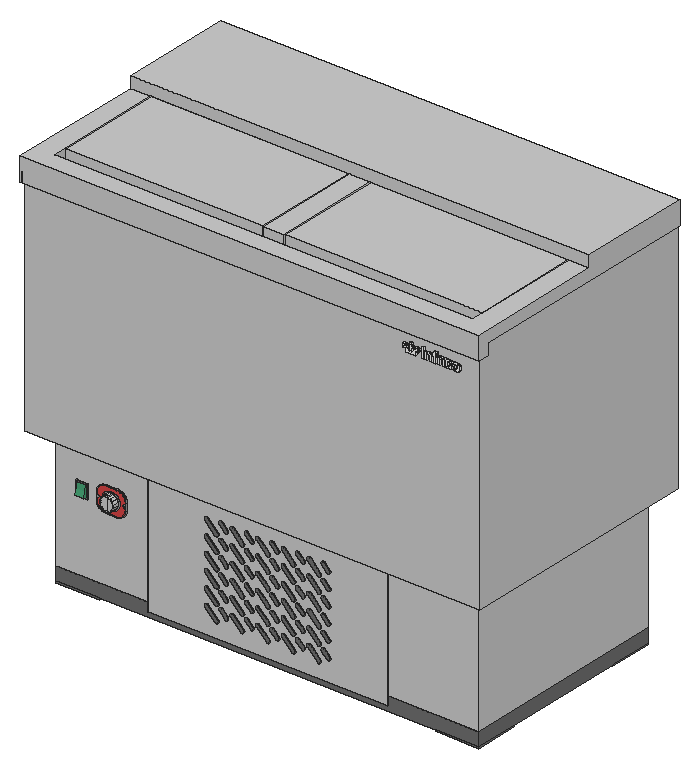
Revit family "QF_INFRICO_EFP1000II_250807081030", category Specialty Equipment, Revit 2021
Family settings
  Round Connector Dimension = Use Diameter
  Part Type = Normal
  OmniClass Number = 23.40.40.14
  OmniClass Title = Food Service Equipment
  Work Plane-Based = No
  Always vertical = Yes
  Cut with Voids When Loaded = No
  Shared = No
  Room Calculation Point = No
Parameters (values of type "EFP1000II")
  Weight [instance] = 52.9977 kg
  Waste Water Discharge Temperature [instance] = 0 °C
  Waste Remarks [instance] = ""
  Warranty Start Date [instance] = ""
  Warranty Duration [instance] = ""
  Volts [instance] = 230 V
  Volt Free Conn [instance] = no
  URL Recommended Spares List [instance] = ""
  URL Manufacturer [instance] = ""
  URL Cutsheet [instance] = ""
  URL Critical Spares List [instance] = ""
  URL = "www.infrico.com"
  Technical Documentation [instance] = ""
  Tag Number [instance] = ""
  Status [instance] = ""
  Start Up Current [instance] = 0 A
  Specification by User [instance] = ""
  Specification by Manufacturer [instance] = ""
  Sound Level [instance] = ""
  Show Logo [instance] = yes
  Show Clearances [instance] = yes
  Service Life Duration [instance] = ""
  Serial Number [instance] = ""
  Seismic Rating [instance] = ""
  SMACNA No [instance] = ""
  Revision Code [instance] = ""
  Revision [instance] = ""
  Production Year [instance] = ""
  Potential Equalisation [instance] = no
  Point Load [instance] = 0
  Plumbing Connection Type [instance] = ""
  Phase [instance] = 1
  Other Equipment Approvals [instance] = ""
  Operational Current [instance] = 0 A
  Number of Poles [instance] = 2
  No Load Power Draw [instance] = no
  NAFEM Spec ID Number [instance] = ""
  Model Warning [instance] = ""
  Model = "EFP1000II"
  Min Ckt Ampacity [instance] = 0 A
  Max Overcurrent Protection [instance] = 0 A
  Masterspec [instance] = ""
  Manufacturer = "INFRICO"
  Main switch integrated [instance] = no
  Length Actual [instance] = 1004.062 mm
  Item Number [instance] = ""
  Installed By [instance] = ""
  Installation Date [instance] = ""
  Indirect Waste Size [instance] = 19.05 mm
  Indirect Waste Remarks [instance] = ""
  Indirect Waste Flow [instance] = 0.0 L/s
  Indirect Waste Connection Type [instance] = ""
  Indirect Waste Connection Height [instance] = 0 mm
  Identify Quantity as Lot [instance] = no
  ID [instance] = ""
  Hygiene Approval [instance] = ""
  Height Actual [instance] = 880.11 mm
  HP power [instance] = ""
  Furnished By [instance] = ""
  Foodservice Equipment Identifier [instance] = no
  FL Amps [instance] = 0 A
  Electrical Remarks [instance] = ""
  Electric power [instance] = 90 W
  Electric Connection Type [instance] = ""
  Elec Conn RI Height [instance] = 0 mm
  Elec Conn Connection Height [instance] = 0 mm
  ETL Approved [instance] = no
  Direct Waste Water Discharge Temperature [instance] = -273.15 °C
  Direct Waste Size [instance] = 19.05 mm
  Direct Waste RI Height [instance] = 0 mm
  Direct Waste Flow [instance] = 0.0 L/s
  Direct Waste Connection Height [instance] = 0 mm
  Description = "CHEST BOTTLE COOLER FLAT BOTTOM - STAINLESS STEEL - TWO DOORS - R600A"
  Depth Actual [instance] = 549.91 mm
  Default Elevation = 0 mm
  Cycle [instance] = 50 Hz
  Cost = 0
  Connection to energy optimisation system [instance] = yes
  Conn Plug [instance] = ""
  Conn Conduit [instance] = no
  Centralized building control system with digital interface [instance] = ""
  CSI MasterFormat [instance] = ""
  CE Approved [instance] = no
  Barcode [instance] = 0
  Author [instance] = ""
  Asset Identifier [instance] = ""
  Apparent Power [instance] = 90 VA
  Accessory [instance] = no
Reference planes
  plane 1 "Center (Front/Back)": y = 0
  plane 2: z = 0
  plane 3 "Center (Left/Right)": x = 0
Forms (mm)
  Extrusion 1, solid, not visible
    sketch origin (94.005, -271.013, 296.014) x (1, 0, 0) y (0, 1, 0)
      loop
        line (-2, 2) -> (-2, -2) -> (2, -2) -> (2, 2) -> (-2, 2)
    from -2 to 2
  Extrusion 2, solid, not visible
    sketch origin (844.041, -38.002, 72.004) x (1, 0, 0) y (0, 1, 0)
      loop
        line (-2, 2) -> (-2, -2) -> (2, -2) -> (2, 2) -> (-2, 2)
    from -2 to 2
Dimensions and locks
  locked: nested 2 to Extrusion 1 at 2  (x2)
  locked: nested 3 to Extrusion 2 at 2  (x2)
  aligned and locked: level to plane 2
Nested families
  nested 1: "QF_INFRICO_EFP1000II_2920" at (0, 0, 0), type "EFP1000II"
    with Weight 52.9977 kg, Warranty Start Date "", Warranty Duration "", URL Cutsheet "", Technical Documentation "", Tag Number "", Status "", Specification by User "", Specification by Manufacturer "", Sound Level "", Solid Fuel Type "", Show Logo yes, Show Clearances yes, Show Clearance yes, Service Life Duration "", Serial Number "", Seismic Rating "", SMACNA No "", Revision Code "", Revision "", Production Year "", Point Load 0, Other Equipment Approvals "", NAFEM Spec ID Number "", Model Warning "", Masterspec "", Length Actual 1004.062 mm, Item Number "", Installed By "", Installation Date "", Identify Quantity as Lot yes, ID "", Hygiene Approval "", Height Actual 880.11 mm, Furnished By "", Foodservice Equipment Identifier yes, Finish none, ETL Approved yes, Depth Actual 549.91 mm, CSI MasterFormat "", CE Approved no, Barcode "", Author "", Asset Identifier "", Accessory no
  nested 2: "CONN_POINT_DRAIN_2D___Generic_Annotation" at (94.005, -271.013, 294.014), type "CONN_POINT_DRAIN_2D___Generic_Annotation"
    with Onboard connection annotation symbol visibility yes
  nested 3: "CONN_POINT_ELE_2D___Generic_Annotation" at (844.041, -38.002, 70.003), type "CONN_POINT_ELE_2D___Generic_Annotation"
    with Onboard connection annotation symbol visibility yes
Connectors
  piping at (94.005, -271.013, 294.014), diameter 19.05, driven by "Indirect Waste Size", driven by "Direct Waste Flow"
    settings: on Extrusion 1, index 1, connector inside diameter 609.6 mm, connector length 0 mm, flow factor 0, pipe flow 0.0 L/s, pressure drop 0.0 Pa, fitting loss kfactor 0, connector angle 0.00°, fixture units 0, engagement length 0 mm, angle of deflection 0.00°, flow configuration 1, flow direction 2, fitting loss method 0, system type 16, joint type 0, gender type 0, connector reference index -1, connector utility 0, adjustable connector no, is connector primary yes, connector description "Waste connection for EFP1000II"
  electrical at (844.041, -38.002, 70.003), driven by "Apparent Power", driven by "Number of Poles", driven by "Volts"
    settings: on Extrusion 2, index 2, voltage 230 V, apparent load 0 VA, apparent load phase1 90 VA, apparent load phase2 0 VA, apparent load phase3 0 VA, power factor 1, load classification "Other", number of poles 2, system type 31, power factor state 1, is connector primary yes, connector utility no, sub classification motor no, connector description "Electrical connection for EFP1000II"
Definition of nested family "QF_INFRICO_EFP1000II_2920"
  Parameters (values of type "EFP1000II")
    Weight [instance] = 0.00 kg
    Warranty Start Date [instance] = ""
    Warranty Duration [instance] = ""
    URL Cutsheet [instance] = ""
    URL = "www.infrico.com"
    Technical Documentation [instance] = ""
    Tag Number [instance] = ""
    Status [instance] = ""
    Specification by User [instance] = ""
    Specification by Manufacturer [instance] = ""
    Sound Level [instance] = ""
    Solid Fuel Type [instance] = ""
    Show Logo [instance] = yes
    Show Clearances [instance] = yes
    Show Clearance [instance] = yes
    Service Life Duration [instance] = ""
    Serial Number [instance] = ""
    Seismic Rating [instance] = ""
    SMACNA No [instance] = ""
    Revision Code [instance] = ""
    Revision [instance] = ""
    Production Year [instance] = ""
    Point Load [instance] = 0
    Other Equipment Approvals [instance] = ""
    NAFEM Spec ID Number [instance] = ""
    Model Warning [instance] = ""
    Model = "EFP1000II"
    Masterspec [instance] = ""
    Manufacturer = "INFRICO"
    Length Actual [instance] = 0 mm
    Item Number [instance] = ""
    Installed By [instance] = ""
    Installation Date [instance] = ""
    Identify Quantity as Lot [instance] = yes
    ID [instance] = ""
    Hygiene Approval [instance] = ""
    Height Actual [instance] = 0 mm
    Furnished By [instance] = ""
    Foodservice Equipment Identifier [instance] = yes
    Finish [instance] = none
    ETL Approved [instance] = yes
    Description = "CHEST BOTTLE COOLER FLAT BOTTOM - STAINLESS STEEL - TWO DOORS - R600A"
    Depth Actual [instance] = 0 mm
    Default Elevation = 0 mm
    CSI MasterFormat [instance] = ""
    CE Approved [instance] = yes
    Barcode [instance] = ""
    Author [instance] = ""
    Asset Identifier [instance] = ""
    Assembly Code = "E1090320"
    Accessory [instance] = yes
  Reference planes
    plane 1 "Back": y = 0
    plane 2: z = 0
    plane 3 "Left": x = 0
    plane 4 "Right": x = 1004
    plane 5 "Front": y = -550
    plane 6 "Top": z = 880
  Forms (mm)
    Extrusion 1, solid
      sketch origin (0, 0, 0) x (0, 1, 0) y (0, 0, 1)
        loop
          line (0, 880) -> (-247, 880) -> (-247, 855) -> (0, 855) -> (0, 880)
      from 0 to 1004
    Extrusion 2, solid
      sketch origin (0, 0, 0) x (1, 0, 0) y (0, 0, 1)
        loop
          line (44, 855) -> (0, 855) -> (0, 830) -> (3, 830) -> (3, 836) -> (44, 836) -> (44, 855)
      from 0 to 510
    Extrusion 3, solid
      sketch origin (1004, 0, 0) x (-1, 0, 0) y (0, 0, -1)
        loop
          line (44, -855) -> (44, -836) -> (3, -836) -> (3, -830) -> (0, -830) -> (0, -855) -> (44, -855)
      from 0 to 510
    Extrusion 4, solid
      sketch origin (0, 0, 0) x (0, 1, 0) y (0, 0, 1)
        loop
          line (-510, 830) -> (-510, 855) -> (-550, 855) -> (-550, 830) -> (-510, 830)
      from 0 to 1004
    Extrusion 5, solid
      sketch origin (2, 0, 0) x (0, 1, 0) y (0, 0, 1)
        loop
          line (-247, 855) -> (-482, 855) -> (-482, 830) -> (-247, 830) -> (-247, 855)
      from 44 to 475
    Extrusion 6, solid
      sketch origin (0, 0, 0) x (0, 1, 0) y (0, 0, 1)
        loop
          line (0, 855) -> (-44, 855) -> (-44, 830) -> (0, 830) -> (0, 855)
      from 44 to 960
    Extrusion 7, solid
      sketch origin (0, 0, 0) x (1, 0, 0) y (0, 0, 1)
        loop
          line (3, 830) -> (44, 830) -> (44, 836) -> (3, 836) -> (3, 830)
      from 0 to 44
    Extrusion 8, solid
      sketch origin (957, 0, 0) x (1, 0, 0) y (0, 0, 1)
        loop
          line (3, 830) -> (44, 830) -> (44, 836) -> (3, 836) -> (3, 830)
      from 0 to 44
    Extrusion 9, solid
      sketch origin (3, 0, 0) x (0, 1, 0) y (0, 0, 1)
        loop
          line (-542, 830) -> (-542, 313) -> (-504, 313) -> (-504, 830) -> (-542, 830)
      from 0 to 998
    Extrusion 10, solid
      sketch origin (3, 0, 0) x (0, 1, 0) y (0, 0, 1)
        loop
          line (-504, 313) -> (0, 313) -> (0, 830) -> (-504, 830) -> (-504, 313)
      from 0 to 998
    Extrusion 11, solid
      sketch origin (39, 4, 0) x (0, 1, 0) y (0, 0, 1)
        loop
          line (-42, 313) -> (-504, 313) -> (-504, 43) -> (-42, 43) -> (-42, 313)
      from 0 to 200
    Extrusion 12, solid
      sketch origin (765, 4, 0) x (0, 1, 0) y (0, 0, 1)
        loop
          line (-42, 313) -> (-504, 313) -> (-504, 43) -> (-42, 43) -> (-42, 313)
      from 0 to 200
    Extrusion 13, solid
      sketch origin (0, 4, 0) x (1, 0, 0) y (0, 0, 1)
        loop
          line (239, 313) -> (239, 23) -> (765, 23) -> (765, 313) -> (239, 313)
      from 42 to 52
    Extrusion 14, solid
      sketch origin (0, -448, 0) x (1, 0, 0) y (0, 0, 1)
        loop
          line (239, 313) -> (239, 23) -> (765, 23) -> (765, 313) -> (239, 313)
      from 42 to 52
    Extrusion 15, solid
      sketch origin (-961, 4, 13) x (1, 0, 0) y (0, 1, 0)
        loop
          line (1000, -42) -> (1000, -504) -> (1200, -504) -> (1200, -474) -> (1030, -474) -> (1030, -72) -> (1200, -72) -> (1200, -42) -> (1000, -42)
      from 0 to 30
    Extrusion 16, solid
      sketch origin (1965, 4, 13) x (-1, 0, 0) y (0, -1, 0)
        loop
          line (1000, 42) -> (1200, 42) -> (1200, 72) -> (1030, 72) -> (1030, 474) -> (1200, 474) -> (1200, 504) -> (1000, 504) -> (1000, 42)
      from 0 to 30
    Extrusion 17, solid
      sketch origin (-1000, 4, 0) x (1, 0, 0) y (0, 1, 0)
        loop
          line (1239, -504) -> (1765, -504) -> (1765, -494) -> (1239, -494) -> (1239, -504)
      from 13 to 23
    Extrusion 18, solid
      sketch origin (-1000, 456, 0) x (1, 0, 0) y (0, 1, 0)
        loop
          line (1239, -504) -> (1765, -504) -> (1765, -494) -> (1239, -494) -> (1239, -504)
      from 13 to 23
    Extrusion 19, solid
      sketch origin (-1000, 4, 0) x (1, 0, 0) y (0, 1, 0)
        loop
          line (1239, -72) -> (1765, -72) -> (1765, -52) -> (1239, -52) -> (1239, -72)
      from 13 to 43
    Extrusion 20, solid
      sketch origin (-1000, -418, 0) x (1, 0, 0) y (0, 1, 0)
        loop
          line (1239, -72) -> (1765, -72) -> (1765, -52) -> (1239, -52) -> (1239, -72)
      from 13 to 43
    Extrusion 21, solid
      sketch origin (39, 4, 10) x (1, 0, 0) y (0, 1, 0)
        loop
          line (0, -42) -> (0, -137) -> (95, -42) -> (0, -42)
      from 0 to 3
    Extrusion 22, solid
      sketch origin (965, 4, 10) x (-1, 0, 0) y (0, -1, 0)
        loop
          line (0, 42) -> (95, 42) -> (0, 137) -> (0, 42)
      from 0 to 3
    Extrusion 23, solid
      sketch origin (39, -542, 10) x (1, 0, 0) y (0, 1, 0)
        loop
          line (0, 42) -> (95, 42) -> (0, 137) -> (0, 42)
      from 0 to 3
    Extrusion 24, solid
      sketch origin (965, -542, 10) x (-1, 0, 0) y (0, -1, 0)
        loop
          line (0, -42) -> (0, -137) -> (95, -42) -> (0, -42)
      from 0 to 3
    Revolve 25, solid
      sketch origin (67, 4, 0) x (0, 1, 0) y (0, 0, 1)
        loop
          line (-70, 0) -> (-66, 0)
          arc (-66, 0) -> (-56.372, 2.368) -> (-49, 9) r 20.382
          arc (-49, 9) -> (-48.132, 9.763) -> (-47, 10) r 2.271
          line (-47, 10) -> (-70, 10) -> (-70, 0)
        axis (-70, 0) -> (-70, 10)
      angle from 0 to 360
    Revolve 26, solid
      sketch origin (937, 4, 0) x (0, 1, 0) y (0, 0, -1)
        loop
          line (-70, 0) -> (-70, -10) -> (-47, -10)
          arc (-47, -10) -> (-48.132, -9.763) -> (-49, -9) r 2.271
          arc (-49, -9) -> (-56.372, -2.368) -> (-66, 0) r 20.382
          line (-66, 0) -> (-70, 0)
        axis (-70, 0) -> (-70, -10)
      angle from 0 to 360
    Revolve 27, solid
      sketch origin (67, -402, 0) x (0, 1, 0) y (0, 0, 1)
        loop
          line (-70, 0) -> (-66, 0)
          arc (-66, 0) -> (-56.372, 2.368) -> (-49, 9) r 20.382
          arc (-49, 9) -> (-48.132, 9.763) -> (-47, 10) r 2.271
          line (-47, 10) -> (-70, 10) -> (-70, 0)
        axis (-70, 0) -> (-70, 10)
      angle from 0 to 360
    Revolve 28, solid
      sketch origin (937, -402, 0) x (0, 1, 0) y (0, 0, -1)
        loop
          line (-70, 0) -> (-70, -10) -> (-47, -10)
          arc (-47, -10) -> (-48.132, -9.763) -> (-49, -9) r 2.271
          arc (-49, -9) -> (-56.372, -2.368) -> (-66, 0) r 20.382
          line (-66, 0) -> (-70, 0)
        axis (-70, 0) -> (-70, -10)
      angle from 0 to 360
    Extrusion 29, solid, visible <- "Show Logo"
      sketch origin (-329.318, -542, 67.214) x (1, 0, 0) y (0, 0, 1)
        loop
          line (1208.799, 696.53) -> (1208.799, 719.204) -> (1204.173, 719.204) -> (1204.173, 696.53) -> (1208.799, 696.53)
        loop
          line (1214.779, 713.006) -> (1211.283, 713.006) -> (1211.283, 696.53) -> (1215.772, 696.53) -> (1215.772, 707.832)
          arc (1215.772, 707.832) -> (1217.528, 708.741) -> (1219.417, 709.324) r 11.052
          arc (1219.417, 709.324) -> (1220.929, 708.961) -> (1221.598, 707.557) r 1.806
          line (1221.598, 707.557) -> (1221.598, 696.53) -> (1226.121, 696.53) -> (1226.121, 708.689)
          arc (1226.121, 708.689) -> (1224.637, 712.075) -> (1221.141, 713.281) r 4.607
          arc (1221.141, 713.281) -> (1218.282, 712.674) -> (1215.669, 711.361) r 11.435
          line (1215.669, 711.361) -> (1215.601, 712.184)
          arc (1215.601, 712.184) -> (1215.36, 712.765) -> (1214.779, 713.006) r 0.822
        loop
          line (1238.557, 720.102) -> (1237.306, 720.102)
          arc (1237.306, 720.102) -> (1235.052, 719.926) -> (1232.881, 719.297) r 11.103
          arc (1232.881, 719.297) -> (1230.805, 717.616) -> (1230.024, 715.062) r 4.567
          line (1230.024, 715.062) -> (1230.024, 712.909) -> (1227.351, 712.703) -> (1227.351, 709.374) -> (1230.024, 709.374) -> (1230.024, 696.53) -> (1234.547, 696.53) -> (1234.547, 709.374) -> (1238.249, 709.374) -> (1238.249, 712.938) -> (1234.547, 712.938) -> (1234.547, 714.548)
          arc (1234.547, 714.548) -> (1234.956, 715.705) -> (1236.045, 716.271) r 1.67
          line (1236.045, 716.271) -> (1237.7, 716.399)
          arc (1237.7, 716.399) -> (1238.306, 716.65) -> (1238.557, 717.255) r 0.857
          line (1238.557, 717.255) -> (1238.557, 720.102)
        loop
          line (1239.479, 713.006) -> (1239.479, 696.53) -> (1243.968, 696.53) -> (1243.968, 707.352)
          arc (1243.968, 707.352) -> (1245.873, 708.631) -> (1248.077, 709.268) r 7.435
          line (1248.077, 709.268) -> (1249.241, 709.416)
          arc (1249.241, 709.416) -> (1249.643, 709.758) -> (1249.793, 710.265) r 0.928
          line (1249.793, 710.265) -> (1249.793, 712.458)
          arc (1249.793, 712.458) -> (1249.531, 713.061) -> (1248.912, 713.28) r 0.824
          arc (1248.912, 713.28) -> (1246.197, 712.588) -> (1243.899, 710.984) r 7.833
          line (1243.899, 710.984) -> (1243.726, 713.006) -> (1239.479, 713.006)
        loop
          line (1255.495, 696.53) -> (1255.495, 713.006) -> (1251.006, 713.006) -> (1251.006, 696.53) -> (1255.495, 696.53)
        loop
          arc (1257.421, 701.327) -> (1258.567, 698.188) -> (1261.466, 696.525) r 4.873
          arc (1261.466, 696.525) -> (1264.493, 696.266) -> (1267.521, 696.525) r 17.816
          arc (1267.521, 696.525) -> (1270.575, 699.134) -> (1271.505, 703.041) r 6.481
          line (1271.505, 703.041) -> (1267.187, 703.041) -> (1267.187, 701.67)
          arc (1267.187, 701.67) -> (1266.64, 700.452) -> (1265.442, 699.865) r 1.965
          arc (1265.442, 699.865) -> (1264.547, 699.816) -> (1263.653, 699.865) r 8.196
          arc (1263.653, 699.865) -> (1262.417, 700.415) -> (1261.91, 701.67) r 1.806
          line (1261.91, 701.67) -> (1261.91, 707.9)
          arc (1261.91, 707.9) -> (1262.417, 709.155) -> (1263.653, 709.705) r 1.806
          arc (1263.653, 709.705) -> (1264.547, 709.754) -> (1265.442, 709.705) r 8.196
          arc (1265.442, 709.705) -> (1266.64, 709.118) -> (1267.187, 707.9) r 1.965
          line (1267.187, 707.9) -> (1267.187, 706.838) -> (1271.505, 706.838)
          arc (1271.505, 706.838) -> (1270.524, 710.556) -> (1267.521, 712.959) r 6.132
          arc (1267.521, 712.959) -> (1264.493, 713.294) -> (1261.466, 712.959) r 13.851
          arc (1261.466, 712.959) -> (1258.571, 711.349) -> (1257.421, 708.243) r 4.772
          line (1257.421, 708.243) -> (1257.421, 701.327)
        loop
          arc (1272.916, 701.329) -> (1273.993, 698.345) -> (1276.726, 696.734) r 4.676
          arc (1276.726, 696.734) -> (1278.515, 696.455) -> (1280.318, 696.291) r 28.371
          arc (1280.318, 696.291) -> (1282.122, 696.455) -> (1283.911, 696.734) r 28.371
          arc (1283.911, 696.734) -> (1286.644, 698.345) -> (1287.72, 701.329) r 4.676
          line (1287.72, 701.329) -> (1287.72, 708.242)
          arc (1287.72, 708.242) -> (1286.644, 711.226) -> (1283.911, 712.837) r 4.676
          arc (1283.911, 712.837) -> (1282.122, 713.116) -> (1280.318, 713.28) r 28.371
          arc (1280.318, 713.28) -> (1278.515, 713.116) -> (1276.726, 712.837) r 28.371
          arc (1276.726, 712.837) -> (1273.993, 711.226) -> (1272.916, 708.242) r 4.676
          line (1272.916, 708.242) -> (1272.916, 701.329)
        loop
          line (1277.405, 707.866) -> (1277.405, 701.705)
          arc (1277.405, 701.705) -> (1277.844, 700.556) -> (1278.936, 699.991) r 1.725
          arc (1278.936, 699.991) -> (1279.627, 699.918) -> (1280.318, 699.856) r 46.133
          arc (1280.318, 699.856) -> (1281.01, 699.918) -> (1281.701, 699.991) r 46.133
          arc (1281.701, 699.991) -> (1282.793, 700.556) -> (1283.231, 701.705) r 1.725
          line (1283.231, 701.705) -> (1283.231, 707.866)
          arc (1283.231, 707.866) -> (1282.793, 709.015) -> (1281.701, 709.58) r 1.725
          arc (1281.701, 709.58) -> (1281.01, 709.653) -> (1280.318, 709.716) r 46.133
          arc (1280.318, 709.716) -> (1279.627, 709.653) -> (1278.936, 709.58) r 46.133
          arc (1278.936, 709.58) -> (1277.844, 709.015) -> (1277.405, 707.866) r 1.725
        loop
          arc (1190.339, 696.543) -> (1191.411, 696.987) -> (1191.856, 698.059) r 1.516
          line (1191.856, 698.059) -> (1191.856, 703.891) -> (1196.035, 703.891)
          arc (1196.035, 703.891) -> (1196.79, 704.121) -> (1197.218, 704.782) r 1.147
          line (1197.218, 704.782) -> (1197.218, 706.211)
          arc (1197.218, 706.211) -> (1196.787, 707.258) -> (1195.719, 707.634) r 1.385
          line (1195.719, 707.634) -> (1194.52, 707.634) -> (1197.218, 710.332)
          arc (1197.218, 710.332) -> (1197.605, 711.266) -> (1197.218, 712.2) r 1.321
          line (1197.218, 712.2) -> (1196.495, 712.923)
          arc (1196.495, 712.923) -> (1195.54, 713.338) -> (1194.558, 712.991) r 1.422
          line (1194.558, 712.991) -> (1191.853, 710.286) -> (1191.853, 711.479)
          arc (1191.853, 711.479) -> (1191.443, 712.516) -> (1190.435, 712.992) r 1.516
          line (1190.435, 712.992) -> (1189.514, 712.992)
          arc (1189.514, 712.992) -> (1188.511, 712.514) -> (1188.103, 711.479) r 1.516
          line (1188.103, 711.479) -> (1188.103, 706.83) -> (1182.073, 701.336) -> (1182.073, 707.509) -> (1185.639, 711.075)
          arc (1185.639, 711.075) -> (1186.053, 712.073) -> (1185.639, 713.071) r 1.412
          line (1185.639, 713.071) -> (1184.987, 713.723)
          arc (1184.987, 713.723) -> (1183.939, 714.141) -> (1182.915, 713.667) r 1.428
          line (1182.915, 713.667) -> (1182.073, 712.825) -> (1182.073, 717.784)
          arc (1182.073, 717.784) -> (1181.658, 718.787) -> (1180.655, 719.203) r 1.418
          line (1180.655, 719.203) -> (1179.726, 719.203)
          arc (1179.726, 719.203) -> (1178.723, 718.787) -> (1178.308, 717.784) r 1.418
          line (1178.308, 717.784) -> (1178.308, 712.825) -> (1177.466, 713.667)
          arc (1177.466, 713.667) -> (1176.442, 714.141) -> (1175.394, 713.723) r 1.428
          line (1175.394, 713.723) -> (1174.742, 713.071)
          arc (1174.742, 713.071) -> (1174.328, 712.073) -> (1174.742, 711.075) r 1.412
          line (1174.742, 711.075) -> (1178.308, 707.509) -> (1178.308, 701.336) -> (1172.278, 706.83) -> (1172.278, 711.479)
          arc (1172.278, 711.479) -> (1171.87, 712.514) -> (1170.867, 712.992) r 1.516
          line (1170.867, 712.992) -> (1169.946, 712.992)
          arc (1169.946, 712.992) -> (1168.938, 712.516) -> (1168.528, 711.479) r 1.516
          line (1168.528, 711.479) -> (1168.528, 710.286) -> (1165.823, 712.991)
          arc (1165.823, 712.991) -> (1164.841, 713.338) -> (1163.886, 712.923) r 1.422
          line (1163.886, 712.923) -> (1163.163, 712.2)
          arc (1163.163, 712.2) -> (1162.776, 711.266) -> (1163.163, 710.332) r 1.321
          line (1163.163, 710.332) -> (1165.861, 707.634) -> (1164.662, 707.634)
          arc (1164.662, 707.634) -> (1163.594, 707.258) -> (1163.163, 706.211) r 1.385
          line (1163.163, 706.211) -> (1163.163, 704.782)
          arc (1163.163, 704.782) -> (1163.591, 704.121) -> (1164.346, 703.891) r 1.147
          line (1164.346, 703.891) -> (1168.525, 703.891) -> (1168.525, 698.059)
          arc (1168.525, 698.059) -> (1168.969, 696.987) -> (1170.042, 696.543) r 1.516
          line (1170.042, 696.543) -> (1190.339, 696.543)
      from 0 to 2
    Extrusion 30, solid
      sketch origin (106, -500, 1257.457) x (0, -1, 0) y (0, 0, 1)
        loop
          line (0, -1056.457) -> (2, -1056.457)
          arc (2, -1056.457) -> (5.042, -1056.207) -> (8.002, -1055.466) r 18.678
          arc (8.002, -1055.466) -> (4.242, -1043.724) -> (3, -1031.457) r 59.104
          line (3, -1031.457) -> (0, -1031.457) -> (0, -1056.457)
      from 0 to 19
    Extrusion 31, solid
      sketch origin (106, -502, 1257.457) x (-1, 0, 0) y (0, 0, 1)
        loop
          line (22, -1028.457) -> (-3, -1028.457) -> (-3, -1059.457) -> (22, -1059.457) -> (22, -1028.457)
      from 0 to 2
    Extrusion 32, solid
      sketch origin (-20.187, -500, 114.047) x (1, 0, 0) y (0, 0, 1)
        loop
          line (169.187, 71.953) -> (194.187, 71.953)
          arc (194.187, 71.953) -> (208.329, 77.811) -> (214.187, 91.953) r 20
          line (214.187, 91.953) -> (214.187, 106.953)
          arc (214.187, 106.953) -> (208.329, 121.095) -> (194.187, 126.953) r 20
          line (194.187, 126.953) -> (169.187, 126.953)
          arc (169.187, 126.953) -> (155.045, 121.095) -> (149.187, 106.953) r 20
          line (149.187, 106.953) -> (149.187, 91.953)
          arc (149.187, 91.953) -> (155.045, 77.811) -> (169.187, 71.953) r 20
      from 0 to 2
    Extrusion 33, solid
      sketch origin (-20.187, -500.1, 114.047) x (1, 0, 0) y (0, 0, 1)
        loop
          arc (169.187, 124.953) -> (156.459, 119.681) -> (151.187, 106.953) r 18
          line (151.187, 106.953) -> (151.187, 103.953)
          arc (151.187, 103.953) -> (155.687, 99.453) -> (151.187, 94.953) r 4.5
          line (151.187, 94.953) -> (151.187, 91.953)
          arc (151.187, 91.953) -> (156.459, 79.225) -> (169.187, 73.953) r 18
          line (169.187, 73.953) -> (194.187, 73.953)
          arc (194.187, 73.953) -> (206.915, 79.225) -> (212.187, 91.953) r 18
          line (212.187, 91.953) -> (212.187, 94.953)
          arc (212.187, 94.953) -> (207.687, 99.453) -> (212.187, 103.953) r 4.5
          line (212.187, 103.953) -> (212.187, 106.953)
          arc (212.187, 106.953) -> (206.915, 119.681) -> (194.187, 124.953) r 18
          line (194.187, 124.953) -> (169.187, 124.953)
        loop
          circle (181.687, 99.453) r 20
      from 0 to 2
    Revolve 34, solid
      sketch origin (161.5, 4, 91.547) x (0, 1, 0) y (0, 0, 1)
        loop
          line (-506, 126.953) -> (-508, 126.953) -> (-508, 137.953) -> (-519, 135.953) -> (-519, 121.953) -> (-506, 121.953) -> (-506, 126.953)
        axis (-506, 121.953) -> (-519, 121.953)
      angle from 0 to 360
    Extrusion 35, solid
      sketch origin (-13.5, 4, 14.5) x (1, 0, 0) y (0, 0, 1)
        loop
          arc (172.5, 212.775) -> (175, 213) -> (177.5, 212.775) r 14
          line (177.5, 212.775) -> (177.5, 214.803)
          arc (177.5, 214.803) -> (175, 215) -> (172.5, 214.803) r 16
          line (172.5, 214.803) -> (172.5, 212.775)
        loop
          line (172.5, 185.225) -> (172.5, 183.197)
          arc (172.5, 183.197) -> (175, 183) -> (177.5, 183.197) r 16
          line (177.5, 183.197) -> (177.5, 185.225)
          arc (177.5, 185.225) -> (175, 185) -> (172.5, 185.225) r 14
        loop
          arc (161.225, 196.5) -> (161, 199) -> (161.225, 201.5) r 14
          line (161.225, 201.5) -> (159.197, 201.5)
          arc (159.197, 201.5) -> (159, 199) -> (159.197, 196.5) r 16
          line (159.197, 196.5) -> (161.225, 196.5)
        loop
          line (188.775, 196.5) -> (190.803, 196.5)
          arc (190.803, 196.5) -> (191, 199) -> (190.803, 201.5) r 16
          line (190.803, 201.5) -> (188.775, 201.5)
          arc (188.775, 201.5) -> (189, 199) -> (188.775, 196.5) r 14
        loop
          arc (182.973, 210.508) -> (184.899, 208.899) -> (186.508, 206.973) r 14
          line (186.508, 206.973) -> (187.943, 208.407)
          arc (187.943, 208.407) -> (186.314, 210.314) -> (184.407, 211.943) r 16
          line (184.407, 211.943) -> (182.973, 210.508)
        loop
          line (163.492, 191.027) -> (162.057, 189.593)
          arc (162.057, 189.593) -> (163.686, 187.686) -> (165.593, 186.057) r 16
          line (165.593, 186.057) -> (167.027, 187.492)
          arc (167.027, 187.492) -> (165.101, 189.101) -> (163.492, 191.027) r 14
        loop
          arc (163.492, 206.973) -> (165.101, 208.899) -> (167.027, 210.508) r 14
          line (167.027, 210.508) -> (165.593, 211.943)
          arc (165.593, 211.943) -> (163.686, 210.314) -> (162.057, 208.407) r 16
          line (162.057, 208.407) -> (163.492, 206.973)
        loop
          line (182.973, 187.492) -> (184.407, 186.057)
          arc (184.407, 186.057) -> (186.314, 187.686) -> (187.943, 189.593) r 16
          line (187.943, 189.593) -> (186.508, 191.027)
          arc (186.508, 191.027) -> (184.899, 189.101) -> (182.973, 187.492) r 14
      from 508 to 519
    Extrusion 36, solid
      sketch origin (1813.844, -500.1, 72.143) x (-1, 0, 0) y (0, 0, 1)
        loop
          line (1426.444, -17.063) -> (1448.365, 4.857)
          arc (1448.365, 4.857) -> (1448.365, 11.221) -> (1442.001, 11.221) r 4.5
          line (1442.001, 11.221) -> (1420.08, -10.699)
          arc (1420.08, -10.699) -> (1420.08, -17.063) -> (1426.444, -17.063) r 4.5
        loop
          line (1405.687, -4.093) -> (1417.001, 7.221)
          arc (1417.001, 7.221) -> (1417.001, 13.585) -> (1410.637, 13.585) r 4.5
          line (1410.637, 13.585) -> (1399.323, 2.271)
          arc (1399.323, 2.271) -> (1399.323, -4.093) -> (1405.687, -4.093) r 4.5
        loop
          line (1426.444, 16.937) -> (1448.365, 38.857)
          arc (1448.365, 38.857) -> (1448.365, 45.221) -> (1442.001, 45.221) r 4.5
          line (1442.001, 45.221) -> (1420.08, 23.301)
          arc (1420.08, 23.301) -> (1420.08, 16.937) -> (1426.444, 16.937) r 4.5
        loop
          line (1405.687, 29.907) -> (1417.001, 41.221)
          arc (1417.001, 41.221) -> (1417.001, 47.585) -> (1410.637, 47.585) r 4.5
          line (1410.637, 47.585) -> (1399.323, 36.271)
          arc (1399.323, 36.271) -> (1399.323, 29.907) -> (1405.687, 29.907) r 4.5
        loop
          line (1426.444, 50.937) -> (1448.365, 72.857)
          arc (1448.365, 72.857) -> (1448.365, 79.221) -> (1442.001, 79.221) r 4.5
          line (1442.001, 79.221) -> (1420.08, 57.301)
          arc (1420.08, 57.301) -> (1420.08, 50.937) -> (1426.444, 50.937) r 4.5
        loop
          line (1405.687, 63.907) -> (1417.001, 75.221)
          arc (1417.001, 75.221) -> (1417.001, 81.585) -> (1410.637, 81.585) r 4.5
          line (1410.637, 81.585) -> (1399.323, 70.271)
          arc (1399.323, 70.271) -> (1399.323, 63.907) -> (1405.687, 63.907) r 4.5
        loop
          line (1426.444, 84.937) -> (1448.365, 106.857)
          arc (1448.365, 106.857) -> (1448.365, 113.221) -> (1442.001, 113.221) r 4.5
          line (1442.001, 113.221) -> (1420.08, 91.301)
          arc (1420.08, 91.301) -> (1420.08, 84.937) -> (1426.444, 84.937) r 4.5
        loop
          line (1405.687, 97.907) -> (1417.001, 109.221)
          arc (1417.001, 109.221) -> (1417.001, 115.585) -> (1410.637, 115.585) r 4.5
          line (1410.637, 115.585) -> (1399.323, 104.271)
          arc (1399.323, 104.271) -> (1399.323, 97.907) -> (1405.687, 97.907) r 4.5
        loop
          line (1426.444, 118.937) -> (1448.365, 140.857)
          arc (1448.365, 140.857) -> (1448.365, 147.221) -> (1442.001, 147.221) r 4.5
          line (1442.001, 147.221) -> (1420.08, 125.301)
          arc (1420.08, 125.301) -> (1420.08, 118.937) -> (1426.444, 118.937) r 4.5
        loop
          line (1405.687, 131.907) -> (1417.001, 143.221)
          arc (1417.001, 143.221) -> (1417.001, 149.585) -> (1410.637, 149.585) r 4.5
          line (1410.637, 149.585) -> (1399.323, 138.271)
          arc (1399.323, 138.271) -> (1399.323, 131.907) -> (1405.687, 131.907) r 4.5
        loop
          line (1426.444, 152.937) -> (1448.365, 174.857)
          arc (1448.365, 174.857) -> (1448.365, 181.221) -> (1442.001, 181.221) r 4.5
          line (1442.001, 181.221) -> (1420.08, 159.301)
          arc (1420.08, 159.301) -> (1420.08, 152.937) -> (1426.444, 152.937) r 4.5
        loop
          line (1405.687, 165.907) -> (1417.001, 177.221)
          arc (1417.001, 177.221) -> (1417.001, 183.585) -> (1410.637, 183.585) r 4.5
          line (1410.637, 183.585) -> (1399.323, 172.271)
          arc (1399.323, 172.271) -> (1399.323, 165.907) -> (1405.687, 165.907) r 4.5
        loop
          line (1370.444, -17.063) -> (1392.365, 4.857)
          arc (1392.365, 4.857) -> (1392.365, 11.221) -> (1386.001, 11.221) r 4.5
          line (1386.001, 11.221) -> (1364.08, -10.699)
          arc (1364.08, -10.699) -> (1364.08, -17.063) -> (1370.444, -17.063) r 4.5
        loop
          line (1349.687, -4.093) -> (1361.001, 7.221)
          arc (1361.001, 7.221) -> (1361.001, 13.585) -> (1354.637, 13.585) r 4.5
          line (1354.637, 13.585) -> (1343.323, 2.271)
          arc (1343.323, 2.271) -> (1343.323, -4.093) -> (1349.687, -4.093) r 4.5
        loop
          line (1370.444, 16.937) -> (1392.365, 38.857)
          arc (1392.365, 38.857) -> (1392.365, 45.221) -> (1386.001, 45.221) r 4.5
          line (1386.001, 45.221) -> (1364.08, 23.301)
          arc (1364.08, 23.301) -> (1364.08, 16.937) -> (1370.444, 16.937) r 4.5
        loop
          line (1349.687, 29.907) -> (1361.001, 41.221)
          arc (1361.001, 41.221) -> (1361.001, 47.585) -> (1354.637, 47.585) r 4.5
          line (1354.637, 47.585) -> (1343.323, 36.271)
          arc (1343.323, 36.271) -> (1343.323, 29.907) -> (1349.687, 29.907) r 4.5
        loop
          line (1370.444, 50.937) -> (1392.365, 72.857)
          arc (1392.365, 72.857) -> (1392.365, 79.221) -> (1386.001, 79.221) r 4.5
          line (1386.001, 79.221) -> (1364.08, 57.301)
          arc (1364.08, 57.301) -> (1364.08, 50.937) -> (1370.444, 50.937) r 4.5
        loop
          line (1349.687, 63.907) -> (1361.001, 75.221)
          arc (1361.001, 75.221) -> (1361.001, 81.585) -> (1354.637, 81.585) r 4.5
          line (1354.637, 81.585) -> (1343.323, 70.271)
          arc (1343.323, 70.271) -> (1343.323, 63.907) -> (1349.687, 63.907) r 4.5
        loop
          line (1370.444, 84.937) -> (1392.365, 106.857)
          arc (1392.365, 106.857) -> (1392.365, 113.221) -> (1386.001, 113.221) r 4.5
          line (1386.001, 113.221) -> (1364.08, 91.301)
          arc (1364.08, 91.301) -> (1364.08, 84.937) -> (1370.444, 84.937) r 4.5
        loop
          line (1349.687, 97.907) -> (1361.001, 109.221)
          arc (1361.001, 109.221) -> (1361.001, 115.585) -> (1354.637, 115.585) r 4.5
          line (1354.637, 115.585) -> (1343.323, 104.271)
          arc (1343.323, 104.271) -> (1343.323, 97.907) -> (1349.687, 97.907) r 4.5
        loop
          line (1370.444, 118.937) -> (1392.365, 140.857)
          arc (1392.365, 140.857) -> (1392.365, 147.221) -> (1386.001, 147.221) r 4.5
          line (1386.001, 147.221) -> (1364.08, 125.301)
          arc (1364.08, 125.301) -> (1364.08, 118.937) -> (1370.444, 118.937) r 4.5
        loop
          line (1349.687, 131.907) -> (1361.001, 143.221)
          arc (1361.001, 143.221) -> (1361.001, 149.585) -> (1354.637, 149.585) r 4.5
          line (1354.637, 149.585) -> (1343.323, 138.271)
          arc (1343.323, 138.271) -> (1343.323, 131.907) -> (1349.687, 131.907) r 4.5
        loop
          line (1370.444, 152.937) -> (1392.365, 174.857)
          arc (1392.365, 174.857) -> (1392.365, 181.221) -> (1386.001, 181.221) r 4.5
          line (1386.001, 181.221) -> (1364.08, 159.301)
          arc (1364.08, 159.301) -> (1364.08, 152.937) -> (1370.444, 152.937) r 4.5
        loop
          line (1349.687, 165.907) -> (1361.001, 177.221)
          arc (1361.001, 177.221) -> (1361.001, 183.585) -> (1354.637, 183.585) r 4.5
          line (1354.637, 183.585) -> (1343.323, 172.271)
          arc (1343.323, 172.271) -> (1343.323, 165.907) -> (1349.687, 165.907) r 4.5
        loop
          line (1314.444, -17.063) -> (1336.365, 4.857)
          arc (1336.365, 4.857) -> (1336.365, 11.221) -> (1330.001, 11.221) r 4.5
          line (1330.001, 11.221) -> (1308.08, -10.699)
          arc (1308.08, -10.699) -> (1308.08, -17.063) -> (1314.444, -17.063) r 4.5
        loop
          line (1293.687, -4.093) -> (1305.001, 7.221)
          arc (1305.001, 7.221) -> (1305.001, 13.585) -> (1298.637, 13.585) r 4.5
          line (1298.637, 13.585) -> (1287.323, 2.271)
          arc (1287.323, 2.271) -> (1287.323, -4.093) -> (1293.687, -4.093) r 4.5
        loop
          line (1314.444, 16.937) -> (1336.365, 38.857)
          arc (1336.365, 38.857) -> (1336.365, 45.221) -> (1330.001, 45.221) r 4.5
          line (1330.001, 45.221) -> (1308.08, 23.301)
          arc (1308.08, 23.301) -> (1308.08, 16.937) -> (1314.444, 16.937) r 4.5
        loop
          line (1293.687, 29.907) -> (1305.001, 41.221)
          arc (1305.001, 41.221) -> (1305.001, 47.585) -> (1298.637, 47.585) r 4.5
          line (1298.637, 47.585) -> (1287.323, 36.271)
          arc (1287.323, 36.271) -> (1287.323, 29.907) -> (1293.687, 29.907) r 4.5
        loop
          line (1314.444, 50.937) -> (1336.365, 72.857)
          arc (1336.365, 72.857) -> (1336.365, 79.221) -> (1330.001, 79.221) r 4.5
          line (1330.001, 79.221) -> (1308.08, 57.301)
          arc (1308.08, 57.301) -> (1308.08, 50.937) -> (1314.444, 50.937) r 4.5
        loop
          line (1293.687, 63.907) -> (1305.001, 75.221)
          arc (1305.001, 75.221) -> (1305.001, 81.585) -> (1298.637, 81.585) r 4.5
          line (1298.637, 81.585) -> (1287.323, 70.271)
          arc (1287.323, 70.271) -> (1287.323, 63.907) -> (1293.687, 63.907) r 4.5
        loop
          line (1314.444, 84.937) -> (1336.365, 106.857)
          arc (1336.365, 106.857) -> (1336.365, 113.221) -> (1330.001, 113.221) r 4.5
          line (1330.001, 113.221) -> (1308.08, 91.301)
          arc (1308.08, 91.301) -> (1308.08, 84.937) -> (1314.444, 84.937) r 4.5
        loop
          line (1293.687, 97.907) -> (1305.001, 109.221)
          arc (1305.001, 109.221) -> (1305.001, 115.585) -> (1298.637, 115.585) r 4.5
          line (1298.637, 115.585) -> (1287.323, 104.271)
          arc (1287.323, 104.271) -> (1287.323, 97.907) -> (1293.687, 97.907) r 4.5
        loop
          line (1314.444, 118.937) -> (1336.365, 140.857)
          arc (1336.365, 140.857) -> (1336.365, 147.221) -> (1330.001, 147.221) r 4.5
          line (1330.001, 147.221) -> (1308.08, 125.301)
          arc (1308.08, 125.301) -> (1308.08, 118.937) -> (1314.444, 118.937) r 4.5
        loop
          line (1293.687, 131.907) -> (1305.001, 143.221)
          arc (1305.001, 143.221) -> (1305.001, 149.585) -> (1298.637, 149.585) r 4.5
          line (1298.637, 149.585) -> (1287.323, 138.271)
          arc (1287.323, 138.271) -> (1287.323, 131.907) -> (1293.687, 131.907) r 4.5
        loop
          line (1314.444, 152.937) -> (1336.365, 174.857)
          arc (1336.365, 174.857) -> (1336.365, 181.221) -> (1330.001, 181.221) r 4.5
          line (1330.001, 181.221) -> (1308.08, 159.301)
          arc (1308.08, 159.301) -> (1308.08, 152.937) -> (1314.444, 152.937) r 4.5
        loop
          line (1293.687, 165.907) -> (1305.001, 177.221)
          arc (1305.001, 177.221) -> (1305.001, 183.585) -> (1298.637, 183.585) r 4.5
          line (1298.637, 183.585) -> (1287.323, 172.271)
          arc (1287.323, 172.271) -> (1287.323, 165.907) -> (1293.687, 165.907) r 4.5
        loop
          line (1258.444, -17.063) -> (1280.365, 4.857)
          arc (1280.365, 4.857) -> (1280.365, 11.221) -> (1274.001, 11.221) r 4.5
          line (1274.001, 11.221) -> (1252.08, -10.699)
          arc (1252.08, -10.699) -> (1252.08, -17.063) -> (1258.444, -17.063) r 4.5
        loop
          line (1237.687, -4.093) -> (1249.001, 7.221)
          arc (1249.001, 7.221) -> (1249.001, 13.585) -> (1242.637, 13.585) r 4.5
          line (1242.637, 13.585) -> (1231.323, 2.271)
          arc (1231.323, 2.271) -> (1231.323, -4.093) -> (1237.687, -4.093) r 4.5
        loop
          line (1258.444, 16.937) -> (1280.365, 38.857)
          arc (1280.365, 38.857) -> (1280.365, 45.221) -> (1274.001, 45.221) r 4.5
          line (1274.001, 45.221) -> (1252.08, 23.301)
          arc (1252.08, 23.301) -> (1252.08, 16.937) -> (1258.444, 16.937) r 4.5
        loop
          line (1237.687, 29.907) -> (1249.001, 41.221)
          arc (1249.001, 41.221) -> (1249.001, 47.585) -> (1242.637, 47.585) r 4.5
          line (1242.637, 47.585) -> (1231.323, 36.271)
          arc (1231.323, 36.271) -> (1231.323, 29.907) -> (1237.687, 29.907) r 4.5
        loop
          line (1258.444, 50.937) -> (1280.365, 72.857)
          arc (1280.365, 72.857) -> (1280.365, 79.221) -> (1274.001, 79.221) r 4.5
          line (1274.001, 79.221) -> (1252.08, 57.301)
          arc (1252.08, 57.301) -> (1252.08, 50.937) -> (1258.444, 50.937) r 4.5
        loop
          line (1237.687, 63.907) -> (1249.001, 75.221)
          arc (1249.001, 75.221) -> (1249.001, 81.585) -> (1242.637, 81.585) r 4.5
          line (1242.637, 81.585) -> (1231.323, 70.271)
          arc (1231.323, 70.271) -> (1231.323, 63.907) -> (1237.687, 63.907) r 4.5
        loop
          line (1258.444, 84.937) -> (1280.365, 106.857)
          arc (1280.365, 106.857) -> (1280.365, 113.221) -> (1274.001, 113.221) r 4.5
          line (1274.001, 113.221) -> (1252.08, 91.301)
          arc (1252.08, 91.301) -> (1252.08, 84.937) -> (1258.444, 84.937) r 4.5
        loop
          line (1237.687, 97.907) -> (1249.001, 109.221)
          arc (1249.001, 109.221) -> (1249.001, 115.585) -> (1242.637, 115.585) r 4.5
          line (1242.637, 115.585) -> (1231.323, 104.271)
          arc (1231.323, 104.271) -> (1231.323, 97.907) -> (1237.687, 97.907) r 4.5
        loop
          line (1258.444, 118.937) -> (1280.365, 140.857)
          arc (1280.365, 140.857) -> (1280.365, 147.221) -> (1274.001, 147.221) r 4.5
          line (1274.001, 147.221) -> (1252.08, 125.301)
          arc (1252.08, 125.301) -> (1252.08, 118.937) -> (1258.444, 118.937) r 4.5
        loop
          line (1237.687, 131.907) -> (1249.001, 143.221)
          arc (1249.001, 143.221) -> (1249.001, 149.585) -> (1242.637, 149.585) r 4.5
          line (1242.637, 149.585) -> (1231.323, 138.271)
          arc (1231.323, 138.271) -> (1231.323, 131.907) -> (1237.687, 131.907) r 4.5
        loop
          line (1258.444, 152.937) -> (1280.365, 174.857)
          arc (1280.365, 174.857) -> (1280.365, 181.221) -> (1274.001, 181.221) r 4.5
          line (1274.001, 181.221) -> (1252.08, 159.301)
          arc (1252.08, 159.301) -> (1252.08, 152.937) -> (1258.444, 152.937) r 4.5
        loop
          line (1237.687, 165.907) -> (1249.001, 177.221)
          arc (1249.001, 177.221) -> (1249.001, 183.585) -> (1242.637, 183.585) r 4.5
          line (1242.637, 183.585) -> (1231.323, 172.271)
          arc (1231.323, 172.271) -> (1231.323, 165.907) -> (1237.687, 165.907) r 4.5
        loop
          line (1202.444, -17.063) -> (1224.365, 4.857)
          arc (1224.365, 4.857) -> (1224.365, 11.221) -> (1218.001, 11.221) r 4.5
          line (1218.001, 11.221) -> (1196.08, -10.699)
          arc (1196.08, -10.699) -> (1196.08, -17.063) -> (1202.444, -17.063) r 4.5
        loop
          line (1181.687, -4.093) -> (1193.001, 7.221)
          arc (1193.001, 7.221) -> (1193.001, 13.585) -> (1186.637, 13.585) r 4.5
          line (1186.637, 13.585) -> (1175.323, 2.271)
          arc (1175.323, 2.271) -> (1175.323, -4.093) -> (1181.687, -4.093) r 4.5
        loop
          line (1202.444, 16.937) -> (1224.365, 38.857)
          arc (1224.365, 38.857) -> (1224.365, 45.221) -> (1218.001, 45.221) r 4.5
          line (1218.001, 45.221) -> (1196.08, 23.301)
          arc (1196.08, 23.301) -> (1196.08, 16.937) -> (1202.444, 16.937) r 4.5
        loop
          line (1181.687, 29.907) -> (1193.001, 41.221)
          arc (1193.001, 41.221) -> (1193.001, 47.585) -> (1186.637, 47.585) r 4.5
          line (1186.637, 47.585) -> (1175.323, 36.271)
          arc (1175.323, 36.271) -> (1175.323, 29.907) -> (1181.687, 29.907) r 4.5
        loop
          line (1202.444, 50.937) -> (1224.365, 72.857)
          arc (1224.365, 72.857) -> (1224.365, 79.221) -> (1218.001, 79.221) r 4.5
          line (1218.001, 79.221) -> (1196.08, 57.301)
          arc (1196.08, 57.301) -> (1196.08, 50.937) -> (1202.444, 50.937) r 4.5
        loop
          line (1181.687, 63.907) -> (1193.001, 75.221)
          arc (1193.001, 75.221) -> (1193.001, 81.585) -> (1186.637, 81.585) r 4.5
          line (1186.637, 81.585) -> (1175.323, 70.271)
          arc (1175.323, 70.271) -> (1175.323, 63.907) -> (1181.687, 63.907) r 4.5
        loop
          line (1202.444, 84.937) -> (1224.365, 106.857)
          arc (1224.365, 106.857) -> (1224.365, 113.221) -> (1218.001, 113.221) r 4.5
          line (1218.001, 113.221) -> (1196.08, 91.301)
          arc (1196.08, 91.301) -> (1196.08, 84.937) -> (1202.444, 84.937) r 4.5
        loop
          line (1181.687, 97.907) -> (1193.001, 109.221)
          arc (1193.001, 109.221) -> (1193.001, 115.585) -> (1186.637, 115.585) r 4.5
          line (1186.637, 115.585) -> (1175.323, 104.271)
          arc (1175.323, 104.271) -> (1175.323, 97.907) -> (1181.687, 97.907) r 4.5
        loop
          line (1202.444, 118.937) -> (1224.365, 140.857)
          arc (1224.365, 140.857) -> (1224.365, 147.221) -> (1218.001, 147.221) r 4.5
          line (1218.001, 147.221) -> (1196.08, 125.301)
          arc (1196.08, 125.301) -> (1196.08, 118.937) -> (1202.444, 118.937) r 4.5
        loop
          line (1181.687, 131.907) -> (1193.001, 143.221)
          arc (1193.001, 143.221) -> (1193.001, 149.585) -> (1186.637, 149.585) r 4.5
          line (1186.637, 149.585) -> (1175.323, 138.271)
          arc (1175.323, 138.271) -> (1175.323, 131.907) -> (1181.687, 131.907) r 4.5
        loop
          line (1202.444, 152.937) -> (1224.365, 174.857)
          arc (1224.365, 174.857) -> (1224.365, 181.221) -> (1218.001, 181.221) r 4.5
          line (1218.001, 181.221) -> (1196.08, 159.301)
          arc (1196.08, 159.301) -> (1196.08, 152.937) -> (1202.444, 152.937) r 4.5
        loop
          line (1181.687, 165.907) -> (1193.001, 177.221)
          arc (1193.001, 177.221) -> (1193.001, 183.585) -> (1186.637, 183.585) r 4.5
          line (1186.637, 183.585) -> (1175.323, 172.271)
          arc (1175.323, 172.271) -> (1175.323, 165.907) -> (1181.687, 165.907) r 4.5
      from 0 to 2
    Extrusion 37, solid
      sketch origin (-1000, 0, 0) x (1, 0, 0) y (0, 1, 0)
        loop
          line (1000, -550) -> (2004, -550) -> (2004, -525) -> (2001, -525) -> (2001, -548) -> (1003, -548) -> (1003, -525) -> (1000, -525) -> (1000, -550)
      from 805 to 830
    Extrusion 38, solid
      sketch origin (1002, 0, 0) x (0, 1, 0) y (0, 0, -1)
        loop
          line (-247, -855) -> (-247, -830) -> (-482, -830) -> (-482, -855) -> (-247, -855)
      from 44 to 475
    Extrusion 39, solid
      sketch origin (0, 0, 0) x (1, 0, 0) y (0, 1, 0)
        loop
          line (480, -247) -> (480, -482) -> (524, -482) -> (524, -247) -> (480, -247)
      from 830 to 855
    Extrusion 40, solid
      sketch origin (0, 0, 0) x (0, 1, 0) y (0, 0, 1)
        loop
          line (-48, 313) -> (-490, 313) -> (-490, 294) -> (-48, 294) -> (-48, 313)
      from 239 to 765
  Cuts and joins
    joined: Extrusion 15, Extrusion 16, Extrusion 17, Extrusion 18, Extrusion 19, Extrusion 20
    joined: Extrusion 9, Extrusion 10
    joined: Extrusion 1, Extrusion 2, Extrusion 3, Extrusion 4, Extrusion 6, Extrusion 7, Extrusion 8, Extrusion 37
  Lines and regions (mm)
    symbolic lines
      curve 1: line (0, 0, 0) -> (1004, 0, 0)
      curve 2: line (0, -550, 0) -> (0, 0, 0)
      curve 3: line (1004, -550, 0) -> (0, -550, 0)
      curve 4: line (1004, 0, 0) -> (1004, -550, 0)
      curve 5: line (0, -247, 0) -> (1004, -247, 0)
      curve 6: line (1004, -510, 0) -> (0, -510, 0)
      curve 7: line (44, -510, 0) -> (44, -247, 0)
      curve 8: line (960, -247, 0) -> (960, -510, 0)
      curve 9: line (44, -482, 0) -> (960, -482, 0)
      curve 10: line (44, -504, 0) -> (960, -504, 0)
      curve 11: line (480, -247, 0) -> (480, -482, 0)
      curve 12: line (524, -482, 0) -> (524, -247, 0)
      curve 13: line (527, -247, 0) -> (527, -482, 0)
      curve 14: line (477, -482, 0) -> (477, -247, 0)
      curve 15: line (46, -247, 0) -> (46, -482, 0)
      curve 16: line (958, -482, 0) -> (958, -247, 0)
  Dimensions and locks
    plane 1 "Back" to plane 5 "Front" = 550 mm  (x2)
    plane 3 "Left" to plane 4 "Right" = 1004 mm
    plane 6 "Top" to level = 880 mm  (x2)
    plane 4 "Right" to plane 3 "Left" = 1004 mm
    aligned and locked: level to plane 2
Definition of nested family "CONN_POINT_DRAIN_2D___Generic_Annotation"
  Parameters (values of type "CONN_POINT_DRAIN_2D___Generic_Annotation")
    Onboard connection annotation symbol visibility [instance] = yes
  Reference planes
    plane 1: y = 0
    plane 2: x = 0
  Lines and regions (mm)
    detail lines, visible <- "Onboard connection annotation symbol visibility"
      curve 1: circle (0, 0, 0) r 0.5 normal (0, 0, 1)
      curve 2: line (-1, 0, 0) -> (1, 0, 0)
      curve 3: line (0, 1, 0) -> (0, -1, 0)
      curve 4: line (1.776, 1, 0) -> (1.25, 1, 0)
      curve 5: line (1.25, 1, 0) -> (1.25, -1, 0)
      curve 6: line (1.25, -1, 0) -> (1.776, -1, 0)
      curve 7: arc (2.206, -0.862, 0) -> (2.459, -0.589, 0) -> (2.583, -0.238, 0) r 0.918
      curve 8: arc (2.583, 0.238, 0) -> (2.459, 0.589, 0) -> (2.206, 0.862, 0) r 0.918
      curve 9: arc (2.583, -0.238, 0) -> (2.599, 0, 0) -> (2.583, 0.238, 0) r 1.77
      curve 10: arc (2.206, 0.862, 0) -> (2.002, 0.965, 0) -> (1.776, 1, 0) r 0.741
      curve 11: arc (1.776, -1, 0) -> (2.002, -0.965, 0) -> (2.206, -0.862, 0) r 0.741
Definition of nested family "CONN_POINT_ELE_2D___Generic_Annotation"
  Parameters (values of type "CONN_POINT_ELE_2D___Generic_Annotation")
    Onboard connection annotation symbol visibility [instance] = yes
  Reference planes
    plane 1: y = 0
    plane 2: x = 0
  Lines and regions (mm)
    detail lines, visible <- "Onboard connection annotation symbol visibility"
      curve 1: circle (0, 0, 0) r 0.5 normal (0, 0, 1)
      curve 2: line (-1, 0, 0) -> (1, 0, 0)
      curve 3: line (0, 1, 0) -> (0, -1, 0)
      curve 4: line (2.5, 1, 0) -> (1.25, 1, 0)
      curve 5: line (1.25, 1, 0) -> (1.25, -1, 0)
      curve 6: line (1.25, -1, 0) -> (2.5, -1, 0)
      curve 7: line (1.25, 0, 0) -> (2, 0, 0)
